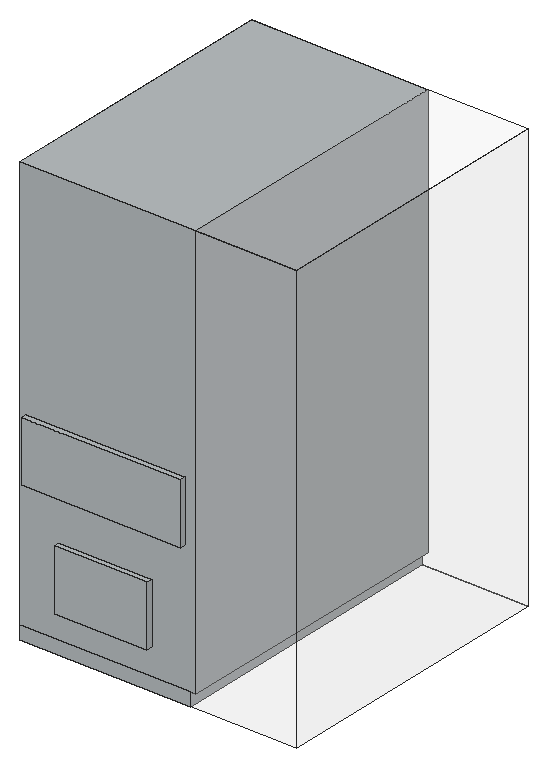
Revit family "lp-1000x4-60_60Hz", category 機械設備, Revit 2019
Family settings
  丸型コネクタ寸法 = 直径を使用
  パーツ タイプ = 標準
  OmniClass 番号 = 23.75.10.34.21
  OmniClass タイトル = Heat Exchangers for Ventilation Air
  作業面ベース = いいえ
  常に垂直 = はい
  ロード時にボイドで切り取り = いいえ
  共有 = いいえ
  部屋計算ポイント = はい
Parameters (values of type "LP-1000X4-60")
  騒音レベル(dB(A)) = 59.5
  風量 = 10000.0 m³/h
  面風速 = 10.33 m/s
  電源種別 [instance] = ""
  電圧 = 200 V
  電動機出力 = 5.5 W
  集中コントローラ = ""
  運転質量 = 0.00 kg
  連動 [instance] = ""
  質量 = if(製品質量 > 運転質量, 製品質量, 運転質量) * 1.2  # 1206.00 kg
  負荷分類 = 3_ファン類
  説明 = "設備用ロスナイ ビル用ロスナイパック形"
  設計風量 = 0.0 m³/h
  設置方法 = "床置形"
  記号 [instance] = ""
  製造元 = "三菱電機株式会社"
  製品質量 = 1005.00 kg
  製品出荷対象 = "国内"
  製品リリース年月 = "2018/7/25"
  製品グループ = ""
  系統 [instance] = ""
  符号 = "HEU"
  積算_科目 = "1 空気調和設備"
  積算_拾い区分 [instance] = ""
  相 = 3
  盤記号 [instance] = ""
  発停方法 [instance] = ""
  特殊仕様 [instance] = ""
  火災停止 [instance] = ""
  温度交換効率 = 77.00%
  消費電力 = 11100 W
  法定耐用年数 = "15"
  機外静圧_排気 = 380.0 Pa
  機外静圧 = 380.0 Pa
  極数 = 3
  材質 [instance] = ""
  本体固定用穴ピッチ2 = 565 mm
  本体固定用穴ピッチ1 = 1930 mm
  本体固定用穴_径 = 20 mm
  本体マテリアル = 溶融亜鉛めっき鋼板
  操作・制御方式 = ""
  操作・制御スイッチ = ""
  排気量 = 0.0 m³/h
  形式 = "床置形"
  幹線記号 [instance] = ""
  対象室 [instance] = ""
  実風量 = 0.0 m³/h
  始動方式 [instance] = "直入"
  外気量 = 0.0 m³/h
  呼称 = "全熱交換ユニット"
  周波数 = 60 Hz
  参照している仕様書等のバージョン = ""
  初期抵抗 = 0.0 Pa
  分類コード = "50052504100050"
  分類グループ = ""
  価格 = 9571000
  企業コード = "108420"
  付属品_フィルター_還気 = ""
  付属品_フィルター = ""
  付属品 [instance] = ""
  仕様書バージョン = "Version1.0"
  モデル = "LP-1000X4-60"
  メンテナンススペース = yes
  コメント [instance] = ""
  Keynote = ""
  エンタルピ交換効率_暖房 = 66.00%
  エンタルピ交換効率_冷房 = 60.00%
  Assembly Code = ""
  Width = 1218 mm
  W1 = 1180 mm
  Version = ""
  Uniclass2015Version = "Systems v1.9"
  Uniclass2015Title = "Thermal wheels"
  Uniclass2015Code = "Pr_60_60_36_88"
  URL = "https://www.mitsubishielectric.co.jp/ldg/wink/ssl/displayProduct.do?pid=294061"
  SpecificationReference = ""
  SpecificationDescription = ""
  SAサイズ_W = 640 mm
  SAサイズ_D = 420 mm
  Revision = ""
  RAダクト接続_通常 = yes
  RAダクト接続_変更4 = no
  RAダクト接続_変更3 = no
  RAダクト接続_変更2 = no
  RAダクト接続_変更1 = no
  RAサイズ_W = 1100 mm
  RAサイズ_D = 420 mm
  ProductInformation = ""
  OmniClassCode = "23-27 23 19 11"
  OAダクト接続_通常 = yes
  OAダクト接続_変更4 = no
  OAダクト接続_変更3 = no
  OAダクト接続_変更2 = no
  OAダクト接続_変更1 = no
  OAサイズ_W = 1100 mm
  OAサイズ_D = 420 mm
  MIN風量 = 0.0 m³/h
  MIN静圧 = 0.0 Pa
  MID風量 = 0.0 m³/h
  MID静圧 = 0.0 Pa
  MAX風量 = 10000.0 m³/h
  MAX静圧 = 380.0 Pa
  IfcTypeProduct = ""
  IfcProduct = ""
  IfcExportType = "ROTARYWHEEL"
  IfcExportAs = "IfcAirToAirHeatRecoveryType"
  Height = 2870 mm
  H1 = 90 mm
  EAサイズ_W = 640 mm
  EAサイズ_D = 420 mm
  Duct_SA_W = 273 mm
  Duct_SA_H = 274 mm
  Duct_RA_W = 43 mm
  Duct_RA_H = 296 mm
  Duct_RA_D = 49 mm
  Duct_Pitch1 = 80 mm
  Duct_OA_W = 43 mm
  Duct_OA_H = 296 mm
  Duct_OA_D = 49 mm
  Duct_Height = 41 mm
  Duct_EA_W = 273 mm
  Duct_EA_H = 274 mm
  Depth = 2000 mm
  D1 = 2000 mm
  Clearance Top = 0 mm
  Clearance Right = 700 mm
  Clearance Left = 0 mm
  Clearance Front = 0 mm
  Clearance Bottom = 0 mm
  Clearance Back = 0 mm
  Author = "三菱電機株式会社"
Reference planes
  plane 1 "中心(正面/背面)": y = 0
  plane 2: z = 0
  plane 3 "中心(左/右)": x = 0
  plane 4: x = 590
  plane 5: x = 628
  plane 6: y = 1000
  plane 7: y = 1000
  plane 8: y = -1000
  plane 9: y = -1000
  plane 10: x = -590
  plane 11: x = -590
  plane 12: y = 741
  plane 13: y = -741
  plane 14: y = -531
  plane 15: y = -951
  plane 16: y = 951
  plane 17: y = 531
  plane 18: x = -547
  plane 19: x = 553
  plane 20: z = 90
  plane 21: z = 2960
  plane 22: z = 3001
  plane 23: y = 565
  plane 24: y = -565
  plane 25: x = -965
  plane 26: x = 965
  plane 27: x = 1328
  plane 28: x = -590
  plane 29: y = 1000
  plane 30: y = -1000
  plane 31: z = 2960
  plane 32: z = 0
  plane 33: x = -317
  plane 34: x = 323
  plane 35: z = 274
  plane 36: z = 694
  plane 37: z = 990
  plane 38: z = 1410
  plane 39: x = -547
  plane 40: x = 553
  plane 41: y = -1041
  plane 42: y = 1041
  plane 43: x = -317
  plane 44: x = 323
  plane 45: z = 274
  plane 46: z = 694
  plane 47: z = 990
  plane 48: z = 1410
  plane 49: z = 1490
  plane 50: z = 1910
  plane 51: z = 1910
  plane 52: z = 1490
  plane 53: z = 1990
  plane 54: z = 1990
  plane 55: z = 2410
  plane 56: z = 2410
  plane 57: z = 2490
  plane 58: z = 2490
  plane 59: z = 2910
  plane 60: z = 2910
Forms (mm)
  Extrusion 1, solid, material "溶融亜鉛めっき鋼板" <- "本体マテリアル", detail levels fine
    sketch origin (0, 0, 0) x (1, 0, 0) y (0, 1, 0)
      loop
        line (-590, 1000) -> (-590, -1000) -> (628, -1000) -> (628, 1000) -> (-590, 1000)
    from 90 to 2960
  Extrusion 2, solid, material "溶融亜鉛めっき鋼板" <- "本体マテリアル", detail levels fine
    sketch origin (0, 0, 0) x (1, 0, 0) y (0, 1, 0)
      loop
        line (-590, 1000) -> (-590, -1000) -> (590, -1000) -> (590, 1000) -> (-590, 1000)
    from 0 to 90
  Extrusion 3, solid, material "溶融亜鉛めっき鋼板" <- "本体マテリアル", visible <- "RAダクト接続_変更1", detail levels fine
    sketch origin (0, 0, 0) x (1, 0, 0) y (0, 1, 0)
      loop
        line (-547, -951) -> (553, -951) -> (553, -531) -> (-547, -531) -> (-547, -951)
    from 2960 to 3001
  Extrusion 4, solid, material "溶融亜鉛めっき鋼板" <- "本体マテリアル", visible <- "OAダクト接続_変更1", detail levels fine
    sketch origin (0, 0, 0) x (1, 0, 0) y (0, 1, 0)
      loop
        line (-547, 951) -> (-547, 531) -> (553, 531) -> (553, 951) -> (-547, 951)
    from 2960 to 3001
  Extrusion 5, solid, material "溶融亜鉛めっき鋼板" <- "本体マテリアル", detail levels fine
    sketch origin (0, 0, 0) x (1, 0, 0) y (0, 0, 1)
      loop
        line (-317, 274) -> (323, 274) -> (323, 694) -> (-317, 694) -> (-317, 274)
    from 1000 to 1041
  Extrusion 6, solid, material "溶融亜鉛めっき鋼板" <- "本体マテリアル", detail levels fine
    sketch origin (0, 0, 0) x (1, 0, 0) y (0, 0, 1)
      loop
        line (323, 694) -> (-317, 694) -> (-317, 274) -> (323, 274) -> (323, 694)
    from -1041 to -1000
  Extrusion 7, solid, material "溶融亜鉛めっき鋼板" <- "本体マテリアル", visible <- "OAダクト接続_通常", detail levels fine
    sketch origin (0, -420, 0) x (1, 0, 0) y (0, 0, 1)
      loop
        line (-547, 990) -> (553, 990) -> (553, 1410) -> (-547, 1410) -> (-547, 990)
    from -1461 to -1420
  Extrusion 8, solid, material "溶融亜鉛めっき鋼板" <- "本体マテリアル", visible <- "RAダクト接続_通常", detail levels fine
    sketch origin (0, 240, 0) x (1, 0, 0) y (0, 0, 1)
      loop
        line (-547, 1410) -> (-547, 990) -> (553, 990) -> (553, 1410) -> (-547, 1410)
    from 1240 to 1281
  Extrusion 9, solid, material "溶融亜鉛めっき鋼板" <- "本体マテリアル", visible <- "OAダクト接続_変更4", detail levels fine
    sketch origin (0, 0, 0) x (1, 0, 0) y (0, 0, 1)
      loop
        line (553, 1490) -> (553, 1910) -> (-547, 1910) -> (-547, 1490) -> (553, 1490)
    from -1041 to -1000
  Extrusion 10, solid, material "溶融亜鉛めっき鋼板" <- "本体マテリアル", visible <- "RAダクト接続_変更4", detail levels fine
    sketch origin (0, 0, 0) x (1, 0, 0) y (0, 0, 1)
      loop
        line (553, 1490) -> (553, 1910) -> (-547, 1910) -> (-547, 1490) -> (553, 1490)
    from 1000 to 1041
  Extrusion 11, solid, material "溶融亜鉛めっき鋼板" <- "本体マテリアル", visible <- "RAダクト接続_変更3"
    sketch origin (0, 0, 0) x (1, 0, 0) y (0, 0, 1)
      loop
        line (-547, 1990) -> (553, 1990) -> (553, 2410) -> (-547, 2410) -> (-547, 1990)
    from 1000 to 1041
  Extrusion 12, solid, material "溶融亜鉛めっき鋼板" <- "本体マテリアル", visible <- "RAダクト接続_変更2"
    sketch origin (0, 0, 0) x (1, 0, 0) y (0, 0, 1)
      loop
        line (-547, 2490) -> (553, 2490) -> (553, 2910) -> (-547, 2910) -> (-547, 2490)
    from 1000 to 1041
  Extrusion 13, solid, material "溶融亜鉛めっき鋼板" <- "本体マテリアル", visible <- "OAダクト接続_変更3"
    sketch origin (0, 0, 0) x (1, 0, 0) y (0, 0, 1)
      loop
        line (-547, 1990) -> (553, 1990) -> (553, 2410) -> (-547, 2410) -> (-547, 1990)
    from -1041 to -1000
  Extrusion 14, solid, material "溶融亜鉛めっき鋼板" <- "本体マテリアル", visible <- "OAダクト接続_変更2"
    sketch origin (0, 0, 0) x (1, 0, 0) y (0, 0, 1)
      loop
        line (-547, 2490) -> (553, 2490) -> (553, 2910) -> (-547, 2910) -> (-547, 2490)
    from -1041 to -1000
Lines and regions (mm)
  Masking region 1, detail levels coarse+medium
    outline origin (1331.5, 88, 0) x (1, 0, 0) y (0, 1, 0)
      loop
        line (-1921.5, 912) -> (-1921.5, -1088) -> (-741.5, -1088) -> (-741.5, 912) -> (-1921.5, 912)
  symbolic lines, detail levels coarse+medium
    curve 1: line (0, 1000, 0) -> (-590, 0, 0)
    curve 2: line (-590, 0, 0) -> (0, -1000, 0)
    curve 3: line (0, -1000, 0) -> (590, 0, 0)
    curve 4: line (0, 1000, 0) -> (590, 0, 0)
Dimensions and locks
  equal spacing: plane 10, plane 3 "中心(左/右)", plane 4
  "W1": plane 10 to plane 4
  "Width": plane 11 to plane 5
  equal spacing: plane 7, plane 1 "中心(正面/背面)", plane 9
  "D1": plane 7 to plane 9
  equal spacing: plane 6, plane 1 "中心(正面/背面)", plane 8
  "Depth": plane 6 to plane 8
  equal spacing: plane 15, plane 13, plane 14
  "RAサイズ_D": plane 15 to plane 14
  equal spacing: plane 17, plane 12, plane 16
  "OAサイズ_D": plane 17 to plane 16
  "RAサイズ_W": plane 18 to plane 19
  locked: plane 11 to plane 10 at 0
  "H1": plane 20 to level
  "Height": plane 21 to plane 20
  "Duct_Height": plane 22 to plane 21
  "本体固定用穴ピッチ2": plane 1 "中心(正面/背面)" to plane 23
  "本体固定用穴ピッチ2": plane 24 to plane 1 "中心(正面/背面)"
  equal spacing: plane 25, plane 3 "中心(左/右)", plane 26
  "本体固定用穴ピッチ1": plane 25 to plane 26
  "Clearance Right": plane 5 to plane 27
  "Clearance Left": plane 28 to plane 11
  "Clearance Back": plane 29 to plane 6
  "Clearance Front": plane 8 to plane 30
  "Clearance Top": plane 31 to plane 21
  "Clearance Bottom": level to plane 32
  "Duct_RA_D": plane 8 to plane 15
  "Duct_OA_D": plane 6 to plane 16
  "Duct_SA_H": plane 35 to level
  "SAサイズ_D": plane 36 to plane 35
  "Duct_RA_H": plane 37 to plane 36
  "RAサイズ_D": plane 38 to plane 37
  "OAサイズ_W": plane 39 to plane 40
  "Duct_OA_W": plane 11 to plane 39
  "Duct_RA_W": plane 11 to plane 18
  "Duct_Height": plane 8 to plane 41
  "SAサイズ_W": plane 34 to plane 33
  "Duct_Height": plane 42 to plane 6
  "Duct_SA_W": plane 33 to plane 11
  "EAサイズ_D": plane 46 to plane 45
  "Duct_EA_H": plane 45 to level
  "Duct_EA_W": plane 43 to plane 11
  "EAサイズ_W": plane 44 to plane 43
  "OAサイズ_D": plane 48 to plane 47
  "Duct_OA_H": plane 47 to plane 46
  "Duct_Pitch1": plane 49 to plane 38
  "RAサイズ_D": plane 50 to plane 49
  "Duct_Pitch1": plane 52 to plane 48
  "OAサイズ_D": plane 51 to plane 52
  "Duct_Pitch1": plane 53 to plane 50
  "RAサイズ_D": plane 55 to plane 53
  "Duct_Pitch1": plane 58 to plane 55
  "RAサイズ_D": plane 60 to plane 58
  "Duct_Pitch1": plane 54 to plane 51
  "OAサイズ_D": plane 56 to plane 54
  "Duct_Pitch1": plane 57 to plane 56
  "OAサイズ_D": plane 59 to plane 57
  aligned and locked: level to plane 2
  aligned and locked: Extrusion 1 sketch curve to plane 6
  aligned and locked: plane 10 to Extrusion 1 sketch curve
  aligned and locked: Extrusion 1 sketch curve to plane 8
  aligned and locked: Extrusion 2 sketch curve to plane 7
  aligned and locked: plane 11 to Extrusion 2 sketch curve
  aligned and locked: Extrusion 2 sketch curve to plane 9
  aligned and locked: plane 15 to Extrusion 3 sketch curve
  aligned and locked: Extrusion 3 sketch curve to plane 18
  aligned and locked: plane 14 to Extrusion 3 sketch curve
  aligned and locked: Extrusion 3 sketch curve to plane 19
  aligned and locked: plane 9 to Masking region 1
  aligned and locked: Masking region 1 to plane 11
  aligned and locked: plane 7 to Masking region 1
  aligned and locked: Masking region 1 to curve 1
  aligned and locked: Masking region 1 to curve 2
  aligned and locked: plane 20 to Extrusion 2
  aligned and locked: plane 21 to Extrusion 1
  aligned and locked: Extrusion 1 to plane 20
  aligned and locked: plane 22 to Extrusion 3
  aligned and locked: Extrusion 3 to plane 21
  aligned and locked: plane 27 to nested 1
  aligned and locked: nested 1 to plane 30
  aligned and locked: nested 1 to plane 29
  aligned and locked: nested 1 to plane 31
  aligned and locked: nested 1 to plane 32
  aligned and locked: plane 9 to curve 2
  aligned and locked: plane 3 "中心(左/右)" to curve 3
  aligned and locked: plane 4 to curve 3
  aligned and locked: plane 3 "中心(左/右)" to curve 4
  aligned and locked: plane 1 "中心(正面/背面)" to curve 4
  aligned and locked: nested 2 to plane 24
  aligned and locked: plane 25 to nested 2
  aligned and locked: nested 2 to plane 26
  aligned and locked: plane 25 to nested 3
  aligned and locked: nested 3 to plane 26
  aligned and locked: plane 1 "中心(正面/背面)" to nested 3
  aligned and locked: plane 25 to nested 4
  aligned and locked: nested 4 to plane 26
  aligned and locked: nested 4 to plane 23
  aligned and locked: nested 1 to plane 28
  aligned and locked: Masking region 1 to plane 4
  aligned and locked: plane 4 to Extrusion 2 sketch curve
  aligned and locked: plane 5 to Extrusion 1 sketch curve
  aligned and locked: Extrusion 4 sketch curve to plane 16
  aligned and locked: plane 18 to Extrusion 4 sketch curve
  aligned and locked: Extrusion 4 sketch curve to plane 17
  aligned and locked: plane 22 to Extrusion 4
  aligned and locked: Extrusion 4 to plane 21
  aligned and locked: Extrusion 5 sketch curve to plane 35
  aligned and locked: Extrusion 5 sketch curve to plane 33
  aligned and locked: plane 36 to Extrusion 5 sketch curve
  aligned and locked: Extrusion 5 sketch curve to plane 34
  aligned and locked: Extrusion 5 to plane 41
  aligned and locked: Extrusion 5 to plane 8
  aligned and locked: Extrusion 6 to plane 42
  aligned and locked: Extrusion 6 to plane 6
  aligned and locked: Extrusion 7 to plane 42
  aligned and locked: Extrusion 7 to plane 6
  aligned and locked: Extrusion 8 sketch curve to plane 38
  aligned and locked: plane 18 to Extrusion 8 sketch curve
  aligned and locked: Extrusion 8 sketch curve to plane 37
  aligned and locked: plane 19 to Extrusion 8 sketch curve
  aligned and locked: Extrusion 8 to plane 41
  aligned and locked: Extrusion 8 to plane 8
  aligned and locked: plane 46 to Extrusion 6 sketch curve
  aligned and locked: plane 44 to Extrusion 6 sketch curve
  aligned and locked: Extrusion 6 sketch curve to plane 45
  aligned and locked: Extrusion 6 sketch curve to plane 43
  aligned and locked: Extrusion 7 sketch curve to plane 47
  aligned and locked: Extrusion 7 sketch curve to plane 18
  aligned and locked: plane 48 to Extrusion 7 sketch curve
  aligned and locked: plane 40 to Extrusion 4 sketch curve
  aligned and locked: Extrusion 7 sketch curve to plane 40
  aligned and locked: plane 52 to Extrusion 9 sketch curve
  aligned and locked: plane 40 to Extrusion 9 sketch curve
  aligned and locked: Extrusion 9 sketch curve to plane 51
  aligned and locked: Extrusion 9 to plane 42
  aligned and locked: Extrusion 9 to plane 6
  aligned and locked: Extrusion 10 sketch curve to plane 49
  aligned and locked: plane 19 to Extrusion 10 sketch curve
  aligned and locked: Extrusion 10 sketch curve to plane 50
  aligned and locked: plane 18 to Extrusion 10 sketch curve
  aligned and locked: plane 39 to Extrusion 9 sketch curve
  aligned and locked: Extrusion 10 to plane 41
  aligned and locked: Extrusion 10 to plane 8
  aligned and locked: Extrusion 11 sketch curve to plane 18
  aligned and locked: Extrusion 11 sketch curve to plane 19
  aligned and locked: Extrusion 11 sketch curve to plane 53
  aligned and locked: plane 55 to Extrusion 11 sketch curve
  aligned and locked: Extrusion 12 sketch curve to plane 58
  aligned and locked: Extrusion 12 sketch curve to plane 18
  aligned and locked: plane 60 to Extrusion 12 sketch curve
  aligned and locked: Extrusion 12 sketch curve to plane 19
  aligned and locked: Extrusion 13 sketch curve to plane 54
  aligned and locked: Extrusion 13 sketch curve to plane 39
  aligned and locked: plane 56 to Extrusion 13 sketch curve
  aligned and locked: Extrusion 13 sketch curve to plane 40
  aligned and locked: Extrusion 14 sketch curve to plane 57
  aligned and locked: Extrusion 14 sketch curve to plane 39
  aligned and locked: plane 59 to Extrusion 14 sketch curve
  aligned and locked: Extrusion 14 sketch curve to plane 40
  aligned and locked: Extrusion 14 to plane 42
  aligned and locked: Extrusion 14 to plane 6
  aligned and locked: Extrusion 13 to plane 42
  aligned and locked: Extrusion 13 to plane 6
  aligned and locked: Extrusion 12 to plane 41
  aligned and locked: Extrusion 12 to plane 8
  aligned and locked: Extrusion 11 to plane 41
  aligned and locked: Extrusion 11 to plane 8
Automatic sketch dimensions
  plane 1 "中心(正面/背面)" to curve 1 = 0 mm
  curve 1 to plane 10 = 0 mm
  curve 4 to plane 7 = 0 mm
  plane 9 to Masking region 1 sketch curve = 0 mm
  Masking region 1 sketch curve to plane 10 = 0 mm
  Masking region 1 sketch curve to plane 4 = 0 mm
  Masking region 1 sketch curve to plane 7 = 0 mm
Nested families
  nested 1: "メンテナンススペース" at (369, 0, 1480), visible <- "メンテナンススペース", type "メンテナンススペース"
    with Width 1918 mm, Height 2960 mm, Depth 2000 mm
  nested 2: "固定点" at (-965, -565, 0), type "固定点"
    with W 1930 mm, D 1000 mm
  nested 3: "固定点" at (-965, 0, 0), type "固定点"
    with W 1930 mm, D 1000 mm
  nested 4: "固定点" at (-965, 565, 0), type "固定点"
    with W 1930 mm, D 1000 mm
Connectors
  electrical at (628, 0, 1525), driven by "極数", driven by "負荷分類", driven by "電圧", driven by "消費電力"
    settings: on Extrusion 1, index 5, voltage 200 V, apparent load 11100 VA, apparent load phase1 0 VA, apparent load phase2 0 VA, apparent load phase3 0 VA, power factor 1, load classification "3_ファン類", number of poles 3, system type 30, power factor state 1, is connector primary yes, connector utility no, sub classification motor no, connector description ""
  hvac at (3, -1041, 484), driven by "SAサイズ_D", driven by "SAサイズ_W", driven by "機外静圧", driven by "風量"
    settings: on Extrusion 5, index 6, duct flow 10000.0 m³/h, flow factor 0, pres drop 380.0 Pa, loss coef 0, conn angle 0.00°, conn width 640 mm, conn height 420 mm, conn diameter 609.6 mm, duct sys type 1, conn prof type 1, flow config 0, flow direction 2, loss method 4, conn ref index -1, conn util no, is conn primary yes, conn desc ""
  hvac at (3, -1041, 1200), driven by "RAサイズ_D", driven by "RAサイズ_W", driven by "機外静圧", driven by "風量"
    settings: on Extrusion 8, index 8, duct flow 10000.0 m³/h, flow factor 0, pres drop 380.0 Pa, loss coef 0, conn angle 0.00°, conn width 1100 mm, conn height 420 mm, conn diameter 609.6 mm, duct sys type 2, conn prof type 1, flow config 0, flow direction 1, loss method 4, conn ref index -1, conn util no, is conn primary no, conn desc ""
  hvac at (3, -741, 3001), driven by "RAサイズ_D", driven by "RAサイズ_W"
    settings: on Extrusion 3, index 9, duct flow 0.0 m³/h, flow factor 0, pres drop 0.0 Pa, loss coef 0, conn angle 0.00°, conn width 1100 mm, conn height 420 mm, conn diameter 609.6 mm, duct sys type 2, conn prof type 1, flow config 0, flow direction 1, loss method 4, conn ref index -1, conn util no, is conn primary no, conn desc ""
  hvac at (3, 741, 3001), driven by "OAサイズ_D", driven by "OAサイズ_W", driven by "機外静圧", driven by "風量"
    settings: on Extrusion 4, index 10, duct flow 10000.0 m³/h, flow factor 0, pres drop 380.0 Pa, loss coef 0, conn angle 0.00°, conn width 1100 mm, conn height 420 mm, conn diameter 609.6 mm, duct sys type 4, conn prof type 1, flow config 0, flow direction 1, loss method 4, conn ref index -1, conn util no, is conn primary no, conn desc ""
  hvac at (3, 1041, 1200), driven by "OAサイズ_D", driven by "OAサイズ_W", driven by "機外静圧", driven by "風量"
    settings: on Extrusion 7, index 11, duct flow 10000.0 m³/h, flow factor 0, pres drop 380.0 Pa, loss coef 0, conn angle 0.00°, conn width 1100 mm, conn height 420 mm, conn diameter 609.6 mm, duct sys type 4, conn prof type 1, flow config 0, flow direction 1, loss method 4, conn ref index -1, conn util no, is conn primary no, conn desc ""
  hvac at (3, 1041, 484), driven by "EAサイズ_D", driven by "EAサイズ_W", driven by "機外静圧_排気", driven by "排気量"
    settings: on Extrusion 6, index 12, duct flow 0.0 m³/h, flow factor 0, pres drop 380.0 Pa, loss coef 0, conn angle 0.00°, conn width 640 mm, conn height 420 mm, conn diameter 609.6 mm, duct sys type 3, conn prof type 1, flow config 0, flow direction 2, loss method 4, conn ref index -1, conn util no, is conn primary no, conn desc ""
  hvac at (3, -1041, 1700), driven by "RAサイズ_D", driven by "RAサイズ_W", driven by "機外静圧", driven by "風量"
    settings: on Extrusion 10, index 13, duct flow 10000.0 m³/h, flow factor 0, pres drop 380.0 Pa, loss coef 0, conn angle 0.00°, conn width 1100 mm, conn height 420 mm, conn diameter 609.6 mm, duct sys type 2, conn prof type 1, flow config 0, flow direction 1, loss method 4, conn ref index -1, conn util no, is conn primary no, conn desc ""
  hvac at (3, 1041, 1700), driven by "OAサイズ_D", driven by "OAサイズ_W", driven by "機外静圧", driven by "風量"
    settings: on Extrusion 9, index 14, duct flow 10000.0 m³/h, flow factor 0, pres drop 380.0 Pa, loss coef 0, conn angle 0.00°, conn width 1100 mm, conn height 420 mm, conn diameter 609.6 mm, duct sys type 4, conn prof type 1, flow config 0, flow direction 1, loss method 4, conn ref index -1, conn util no, is conn primary no, conn desc ""
  hvac at (3, -1041, 2700), driven by "RAサイズ_D", driven by "RAサイズ_W", driven by "機外静圧", driven by "風量"
    settings: on Extrusion 12, index 15, duct flow 10000.0 m³/h, flow factor 0, pres drop 380.0 Pa, loss coef 0, conn angle 0.00°, conn width 1100 mm, conn height 420 mm, conn diameter 609.6 mm, duct sys type 2, conn prof type 1, flow config 0, flow direction 1, loss method 4, conn ref index -1, conn util no, is conn primary no, conn desc ""
  hvac at (3, -1041, 2200), driven by "RAサイズ_D", driven by "RAサイズ_W", driven by "機外静圧", driven by "風量"
    settings: on Extrusion 11, index 16, duct flow 10000.0 m³/h, flow factor 0, pres drop 380.0 Pa, loss coef 0, conn angle 0.00°, conn width 1100 mm, conn height 420 mm, conn diameter 609.6 mm, duct sys type 2, conn prof type 1, flow config 0, flow direction 1, loss method 4, conn ref index -1, conn util no, is conn primary no, conn desc ""
  hvac at (3, 1041, 2700), driven by "OAサイズ_D", driven by "OAサイズ_W", driven by "機外静圧", driven by "風量"
    settings: on Extrusion 14, index 17, duct flow 10000.0 m³/h, flow factor 0, pres drop 380.0 Pa, loss coef 0, conn angle 0.00°, conn width 1100 mm, conn height 420 mm, conn diameter 609.6 mm, duct sys type 4, conn prof type 1, flow config 0, flow direction 1, loss method 4, conn ref index -1, conn util no, is conn primary no, conn desc ""
  hvac at (3, 1041, 2200), driven by "OAサイズ_D", driven by "OAサイズ_W", driven by "機外静圧", driven by "風量"
    settings: on Extrusion 13, index 18, duct flow 10000.0 m³/h, flow factor 0, pres drop 380.0 Pa, loss coef 0, conn angle 0.00°, conn width 1100 mm, conn height 420 mm, conn diameter 609.6 mm, duct sys type 4, conn prof type 1, flow config 0, flow direction 1, loss method 4, conn ref index -1, conn util no, is conn primary no, conn desc ""
Definition of nested family "メンテナンススペース"
  Parameters (values of type "メンテナンススペース")
    Width [instance] = 500 mm
    Height [instance] = 500 mm
    Depth [instance] = 500 mm
  Reference planes
    plane 1 "中心(正面/背面)": y = 0
    plane 2: z = 0
    plane 3 "中心(左/右)": x = 0
    plane 4: y = -250
    plane 5: x = 250
    plane 6: y = 250
    plane 7: x = -250
    plane 8: z = 250
    plane 9: z = -250
  Forms (mm)
    Extrusion 1, solid
      sketch origin (-638.939, 0, 72.39) x (1, 0, 0) y (0, 1, 0)
        loop
          line (388.939, 250) -> (388.939, -250) -> (888.939, -250) -> (888.939, 250) -> (388.939, 250)
      from -322.39 to 177.61
  Lines and regions (mm)
    symbolic lines
      curve 1: line (-250, 0, 250) -> (250, 0, 250)
      curve 2: line (-250, 0, -250) -> (-250, 0, 250)
      curve 3: line (250, 0, -250) -> (-250, 0, -250)
      curve 4: line (250, 0, 250) -> (250, 0, -250)
      curve 5: line (0, -250, 250) -> (0, 250, 250)
      curve 6: line (0, -250, -250) -> (0, -250, 250)
      curve 7: line (0, 250, -250) -> (0, -250, -250)
      curve 8: line (0, 250, 250) -> (0, 250, -250)
      curve 9: line (-250, 250, 0) -> (250, 250, 0)
      curve 10: line (-250, -250, 0) -> (-250, 250, 0)
      curve 11: line (250, -250, 0) -> (-250, -250, 0)
      curve 12: line (250, 250, 0) -> (250, -250, 0)
  Dimensions and locks
    equal spacing: plane 7, plane 3 "中心(左/右)", plane 5
    equal spacing: plane 4, plane 1 "中心(正面/背面)", plane 6
    "Depth": plane 4 to plane 6
    "Width": plane 7 to plane 5
    equal spacing: plane 8, plane 2, plane 9
    "Height": plane 8 to plane 9
    aligned and locked: plane 9 to curve 3
    aligned and locked: plane 7 to curve 2
    aligned and locked: curve 4 to plane 5
    aligned and locked: plane 5 to Extrusion 1
    aligned and locked: Extrusion 1 to plane 7
    aligned and locked: Extrusion 1 to plane 9
    aligned and locked: plane 8 to Extrusion 1
    aligned and locked: plane 9 to curve 7
  Automatic sketch dimensions
    plane 4 to Extrusion 1 sketch curve = 0 mm
    Extrusion 1 sketch curve to plane 7 = 0 mm
    Extrusion 1 sketch curve to plane 5 = 0 mm
    plane 6 to Extrusion 1 sketch curve = 0 mm
    curve 2 to plane 8 = 0 mm
    plane 4 to curve 11 = 0 mm
    curve 11 to plane 7 = 0 mm
    curve 11 to plane 5 = 0 mm
    plane 6 to curve 10 = 0 mm
    curve 7 to plane 4 = 0 mm
    curve 7 to plane 6 = 0 mm
    curve 6 to plane 8 = 0 mm
Definition of nested family "固定点"
  Parameters (values of type "固定点")
    中心円 = 20 mm
    W [instance] = 1000 mm
    D [instance] = 1000 mm
  Reference planes
    plane 1 "中心(正面/背面)": y = 0
    plane 2: z = 0
    plane 3 "中心(左/右)": x = 0
    plane 4: x = 1000
  Lines and regions (mm)
    symbolic lines, detail levels fine
      curve 1: circle (0, 0, 0) r 10 normal (0, 0, 1)
      curve 2: circle (1000, 0, 0) r 10 normal (0, 0, 1)
      curve 3: line (-200, 0, 0) -> (1200, 0, 0)
      curve 4: line (0, 200, 0) -> (0, -200, 0)
      curve 5: line (1000, 200, 0) -> (1000, -200, 0)
  Dimensions and locks
    "W": plane 3 "中心(左/右)" to plane 4
    "中心円": diameter of curve 1
    "中心円": diameter of curve 2
    aligned and locked: level to plane 2
    aligned and locked: plane 3 "中心(左/右)" to curve 1
    aligned and locked: plane 1 "中心(正面/背面)" to curve 1
    aligned and locked: plane 1 "中心(正面/背面)" to curve 2
    aligned and locked: plane 4 to curve 2
    aligned and locked: plane 1 "中心(正面/背面)" to curve 3
    aligned and locked: curve 4 to plane 3 "中心(左/右)"
    aligned and locked: curve 5 to plane 4
  Automatic sketch dimensions
    curve 3 to plane 3 "中心(左/右)" = 200 mm
    curve 2 to curve 3 = 200 mm
    plane 1 "中心(正面/背面)" to curve 4 = 200 mm
    plane 1 "中心(正面/背面)" to curve 5 = 200 mm
    curve 5 to plane 1 "中心(正面/背面)" = 200 mm
    curve 4 to plane 1 "中心(正面/背面)" = 200 mm
